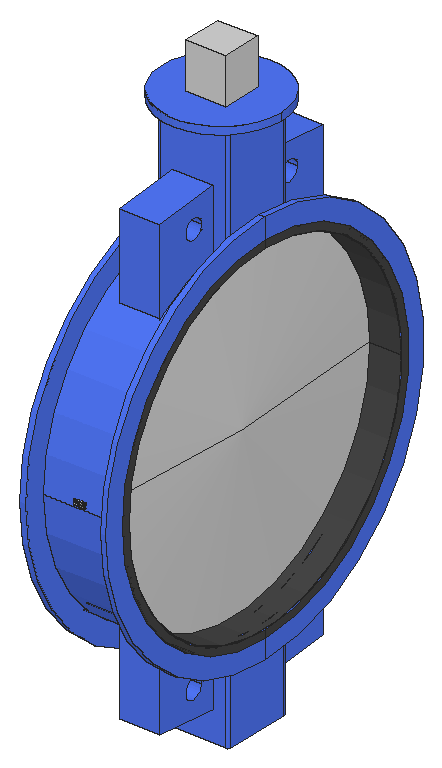
Revit family "820-00-024 DN450-1000", category Pipe Accessories, Revit 2022
Family settings
  Round Connector Dimension = Use Diameter
  Part Type = Valve - Breaks Into
  Work Plane-Based = No
  Always vertical = Yes
  Cut with Voids When Loaded = No
  Shared = No
Parameters (values of type "DN600_PN10")
  fillte1 = 10 mm  # constant formula
  fillet = 2 * Body_wallthickness  # 20 mm
  disk = LUG_T * 0.75  # 56.625 mm
  Width_dim = size_lookup(Search_table, "Width_dim", 0 mm, DN)  # 178.5 mm
  Wafer_dim1 = L2 + L2 * 0.2  # 417 mm
  Wafer_dim = L2 * 0.4  # 139 mm
  Wafer_Dim2 = Wafer_dim1 * 0.96  # 400.32 mm
  W2_ref = size_lookup(Search_table, "W2", 0 mm, DN)  # 522 mm
  URL product pages = "https://www.avkvalves.com/P.aspx?no=820006500521L0160002"
  Search_table = "820-00-024 DN450-1000"
  PCD = size_lookup(Search_table, "PCD", 0 mm, DN) / 2  # 362.5 mm
  Lug_D = (Hole_dia / 2) * 1.4  # 25.2 mm
  L_ref_3 = L_ref / 1.2  # 104.167 mm
  L_ref_2 = L_ref * 2  # 250 mm
  L_ref = [L-2] - (Flange_thickness * 2)  # 125 mm
  LUG_T = [L-2] * 0.5  # 75.5 mm
  L2 = size_lookup(Search_table, "L2", 0 mm, DN) / 2  # 347.5 mm
  L-2 = size_lookup(Search_table, "L", 0 mm, DN) - 2 mm  # 151 mm
  L = size_lookup(Search_table, "L", 0 mm, DN)  # 153 mm
  ID = DN / 2  # 300 mm
  Hole_dia = size_lookup(Search_table, "Hole_dia", 0 mm, DN)  # 36 mm
  Hole_L1 = Wafer_Dim2 * 0.9  # 360.288 mm
  Hole_L = Actuator_Dia / 2  # 105 mm
  H2 = size_lookup(Search_table, "H2", 0 mm, DN)  # 464 mm
  Flange_thickness = size_lookup(Search_table, "Flange_Thickness", 0 mm, DN)  # 13 mm
  Fillet = Hole_dia  # 36 mm
  FL_T = Body_wallthickness + Body_wallthickness * 0.5  # 15 mm
  FL_R = ID + Body_wallthickness  # 310 mm
  F2 = size_lookup(Search_table, "F2", 0 mm, DN)  # 80 mm
  F = size_lookup(Search_table, "F", 0 mm, DN)  # 70 mm
  EPDM_R = L2 * 0.9  # 312.75 mm
  EPDM = ID - 1 mm  # 299 mm
  Description_ = "AVK CENTRIC BUTTERFLY VALVE WAFER TYPE, PN10/16"
  Default Elevation = 0 mm
  DN900_PN16 = "820-0900-00-02060161002"
  DN900_PN10 = "820-0900-00-02060031002"
  DN800_PN16 = "820-0800-00-02060161002"
  DN800_PN10 = "820-0800-00-02060031002"
  DN700_PN16 = "820-0700-00-02060161002"
  DN700_PN10 = "820-0700-00-02060031002"
  DN600_PN16 = "820-0600-00-02060161002"
  DN600_PN10 = "820-0600-00-02060031002"
  DN500_PN16 = "820-0500-00-02060161002"
  DN450_PN16 = "820-0450-00-02060161002"
  DN1000_PN16 = "820-1000-00-02060161002"
  DN1000_PN10 = "820-1000-00-02060031002"
  DN = 600 mm
  Bore = DN / 2  # 300 mm
  Body_wallthickness = 10 mm  # constant formula
  DN500_PN10 = "820-0500-00-02060031002"
  DN450_PN10 = "820-0450-00-02060031002"
  Actuator_Dia = size_lookup(Search_table, "Actuator_Dia", 0 mm, DN)  # 210 mm
  90 = 90 mm  # constant formula
  1 = 1 mm  # constant formula
Types (15, lengths in mm): name | disk | Width_dim | Wafer_dim1 | Wafer_dim | Wafer_Dim2 | W2_ref | PCD | Lug_D | L_ref_3 | L_ref_2 | L_ref | LUG_T | L2 | L-2 | L | ID | Hole_dia | Hole_L1 | Hole_L | H2 | Flange_thickness | Fillet | FL_R | F2 | F | EPDM_R | EPDM | DN | Bore | Actuator_Dia
  (no name) | 56.625 | 178.5 | 417 | 139 | 400.32 | 522 | 362.5 | 25.2 | 104.167 | 250 | 125 | 75.5 | 347.5 | 151 | 153 | 300 | 36 | 360.288 | 105 | 464 | 13 | 36 | 310 | 80 | 70 | 312.75 | 299 | 600 | 300 | 210
  DN1000_PN10 | 81 | 280 | 679.8 | 226.6 | 652.608 | 745 | 580 | 35 | 155 | 372 | 186 | 108 | 566.5 | 216 | 218 | 500 | 50 | 587.347 | 175 | 693 | 15 | 50 | 510 | 100 | 80 | 509.85 | 499 | 1000 | 500 | 350
  DN1000_PN16 | 81 | 280 | 679.8 | 226.6 | 652.608 | 745 | 585 | 35 | 155 | 372 | 186 | 108 | 566.5 | 216 | 218 | 500.05 | 50 | 587.347 | 175 | 693 | 15 | 50 | 510.05 | 100 | 80 | 509.85 | 499.05 | 1000.1 | 500.05 | 350
  DN450_PN10 | 41.625 | 148.75 | 322.8 | 107.6 | 309.888 | 397 | 282.5 | 21 | 74.167 | 178 | 89 | 55.5 | 269 | 111 | 113 | 225 | 30 | 278.899 | 87.5 | 355 | 11 | 30 | 235 | 65 | 45 | 242.1 | 224 | 450 | 225 | 175
  DN450_PN16 | 41.625 | 148.75 | 322.8 | 107.6 | 309.888 | 397 | 292.5 | 21 | 72.5 | 174 | 87 | 55.5 | 269 | 111 | 113 | 225.05 | 30 | 278.899 | 87.5 | 355 | 12 | 30 | 235.05 | 65 | 45 | 242.1 | 224.05 | 450.1 | 225.05 | 175
  DN500_PN10 | 46.5 | 148.75 | 357 | 119 | 342.72 | 437 | 310 | 22.05 | 83.333 | 200 | 100 | 62 | 297.5 | 124 | 126 | 250 | 31.5 | 308.448 | 87.5 | 393 | 12 | 31.5 | 260 | 65 | 45 | 267.75 | 249 | 500 | 250 | 175
  DN500_PN16 | 46.5 | 148.75 | 357 | 119 | 342.72 | 437 | 325 | 22.05 | 81.667 | 196 | 98 | 62 | 297.5 | 124 | 126 | 250.05 | 31.5 | 308.448 | 87.5 | 393 | 13 | 31.5 | 260.05 | 65 | 45 | 267.75 | 249.05 | 500.1 | 250.05 | 175
  DN600_PN10 | 56.625 | 178.5 | 417 | 139 | 400.32 | 522 | 362.5 | 25.2 | 104.167 | 250 | 125 | 75.5 | 347.5 | 151 | 153 | 300 | 36 | 360.288 | 105 | 464 | 13 | 36 | 310 | 80 | 70 | 312.75 | 299 | 600 | 300 | 210
  DN600_PN16 | 56.625 | 178.5 | 417 | 139 | 400.32 | 522 | 385 | 25.2 | 102.5 | 246 | 123 | 75.5 | 347.5 | 151 | 153 | 300.05 | 36 | 360.288 | 105 | 464 | 14 | 36 | 310.05 | 80 | 70 | 312.75 | 299.05 | 600.1 | 300.05 | 210
  DN700_PN10 | 62.25 | 210 | 480 | 160 | 460.8 | 565 | 420 | 27.65 | 115 | 276 | 138 | 83 | 400 | 166 | 168 | 350 | 39.5 | 414.72 | 150 | 503 | 14 | 39.5 | 360 | 80 | 70 | 360 | 349 | 700 | 350 | 300
  DN700_PN16 | 62.25 | 210 | 480 | 160 | 460.8 | 565 | 420 | 27.65 | 115 | 276 | 138 | 83 | 400 | 166 | 168 | 350.05 | 39.5 | 414.72 | 150 | 503 | 14 | 39.5 | 360.05 | 80 | 70 | 360 | 349.05 | 700.1 | 350.05 | 300
  DN800_PN10 | 70.5 | 235 | 544.8 | 181.6 | 523.008 | 627 | 475 | 30.1 | 133.333 | 320 | 160 | 94 | 454 | 188 | 190 | 400 | 43 | 470.707 | 150 | 577 | 14 | 43 | 410 | 80 | 70 | 408.6 | 399 | 800 | 400 | 300
  DN800_PN16 | 70.5 | 235 | 544.8 | 181.6 | 523.008 | 627 | 475 | 30.1 | 133.333 | 320 | 160 | 94 | 454 | 188 | 190 | 400.05 | 43 | 470.707 | 150 | 577 | 14 | 43 | 410.05 | 80 | 70 | 408.6 | 399.05 | 800.1 | 400.05 | 300
  DN900_PN10 | 75.75 | 275 | 609 | 203 | 584.64 | 696 | 525 | 32.2 | 143.333 | 344 | 172 | 101 | 507.5 | 202 | 204 | 450 | 46 | 526.176 | 175 | 643 | 15 | 46 | 460 | 100 | 80 | 456.75 | 449 | 900 | 450 | 350
  DN900_PN16 | 75.75 | 275 | 609 | 203 | 584.64 | 696 | 525 | 32.2 | 143.333 | 344 | 172 | 101 | 507.5 | 202 | 204 | 450.05 | 46 | 526.176 | 175 | 643 | 15 | 46 | 460.05 | 100 | 80 | 456.75 | 449.05 | 900.1 | 450.05 | 350
Reference planes
  plane 1 "Center (Front/Back)": y = 0
  plane 2: z = 0
  plane 3 "Center (Left/Right)": x = 0
  plane 4: z = 522
  plane 5: z = -464
  plane 6: y = 62.5
  plane 7: x = -62.5
  plane 8: y = -62.5
  plane 9: x = 62.5
  plane 10: x = -57.5
  plane 11: x = 57.5
  plane 12: y = -57.5
  plane 13: y = -57.5
  plane 14: x = -57.5
  plane 15: x = 57.5
  plane 16: y = 57.5
  plane 17: y = 57.5
  plane 18: z = 602
  plane 19: z = 300
  plane 20: z = -300
  plane 21: y = -347.5
  plane 22: y = 347.5
  plane 23: x = -75.5
  plane 24: x = 75.5
  plane 25: x = -37.75
  plane 26: x = 37.75
  plane 27: x = -37.75
  plane 28: x = 37.75
  plane 29: x = -37.75
  plane 30: x = 37.75
  plane 31: x = 35
  plane 32: x = -35
  plane 33: y = 105
  plane 34: y = -105
  plane 35: x = -75.5
  plane 36: x = 75.5
  plane 37: x = -105
  plane 38: x = 105
  plane 39: x = -76.5
  plane 40: x = 76.5
  plane 41: z = -300
  plane 42: z = 276.25
Forms (mm)
  Revolve 1, solid, material "Plastic"
    sketch origin (0, 0, 0) x (1, 0, 0) y (0, 1, 0)
      loop
        line (-75.5, 310) -> (-75.5, 300) -> (75.5, 300) -> (75.5, 310) -> (-75.5, 310)
      axis (-75.5, 0) -> (75.5, 0)
    angle from 0 to 360
  Extrusion 2, solid, material "Plastic"
    sketch origin (0, 0, 0) x (1, 0, 0) y (0, 1, 0)
      loop
        arc (-57.5, 62.5) -> (-61.036, 61.036) -> (-62.5, 57.5) r 5
        line (-62.5, 57.5) -> (-62.5, -57.5)
        arc (-62.5, -57.5) -> (-61.036, -61.036) -> (-57.5, -62.5) r 5
        line (-57.5, -62.5) -> (57.5, -62.5)
        arc (57.5, -62.5) -> (61.036, -61.036) -> (62.5, -57.5) r 5
        line (62.5, -57.5) -> (62.5, 57.5)
        arc (62.5, 57.5) -> (61.036, 61.036) -> (57.5, 62.5) r 5
        line (57.5, 62.5) -> (-57.5, 62.5)
    from -464 to 509
  Extrusion 3, solid, material "Plastic"
    sketch origin (0, 0, 0) x (1, 0, 0) y (0, 1, 0)
      loop
        circle (0, 0) r 105
    from 509 to 522
  Extrusion 4, solid, material "Stainless Steel AISI 304"
    sketch origin (0, 0, 0) x (1, 0, 0) y (0, 1, 0)
      loop
        line (-35, 35) -> (-35, -35) -> (35, -35) -> (35, 35) -> (-35, 35)
    from 522 to 602
  Revolve 5, void
    sketch origin (0, 0, 0) x (1, 0, 0) y (0, 1, 0)
      loop
        line (-75.5, 300) -> (-75.5, 0) -> (75.5, 0) -> (75.5, 300) -> (-75.5, 300)
      axis (-75.5, 0) -> (75.5, 0)
    angle from 0 to 360
  Revolve 6, solid, material "Stainless Steel AISI 304"
    sketch origin (0, 0, 0) x (1, 0, 0) y (0, 1, 0)
      loop
        line (-37.75, 0) -> (37.75, 0)
        arc (37.75, 0) -> (33.03, 150.297) -> (18.875, 300) r 2391.714
        line (18.875, 300) -> (-18.875, 300)
        arc (-18.875, 300) -> (-33.03, 150.297) -> (-37.75, 0) r 2391.714
      axis (-37.75, 0) -> (37.75, 0)
    angle from 0 to 360
  Revolve 7, solid, material "Default Wall"
    sketch origin (0, 0, 0) x (1, 0, 0) y (0, 1, 0)
      loop
        line (-75.5, 300) -> (-75.5, 299) -> (75.5, 299) -> (75.5, 300) -> (-75.5, 300)
      axis (75.5, 0) -> (-75.5, 0)
    angle from 0 to 360
  Revolve 8, solid, material "Default Wall"
    sketch origin (0, 0, 0) x (1, 0, 0) y (0, 0, 1)
      loop
        line (-75.5, 312.75) -> (-76.5, 312.75) -> (-76.5, 300) -> (-75.5, 300) -> (-75.5, 312.75)
      loop
        line (75.5, 312.75) -> (75.5, 300) -> (76.5, 300) -> (76.5, 312.75) -> (75.5, 312.75)
      axis (-76.5, 0) -> (76.5, 0)
    angle from 0 to 360
  Revolve 9, solid, material "Plastic"
    sketch origin (0, 0, 0) x (1, 0, 0) y (0, 0, 1)
      loop
        line (75.5, -310) -> (65.5, -310) -> (65.5, -347.5) -> (75.5, -347.5) -> (75.5, -310)
      loop
        line (-75.5, -310) -> (-75.5, -347.5) -> (-65.5, -347.5) -> (-65.5, -310) -> (-75.5, -310)
      axis (75.5, 0) -> (-75.5, 0)
    angle from 0 to 360
  Extrusion 10, solid, material "Plastic"
    sketch origin (0, 0, 0) x (0, 1, 0) y (0, 0, 1)
      loop
        line (-178.5, -242.357) -> (-178.5, -400.32)
        arc (-178.5, -400.32) -> (0, -417) -> (178.5, -400.32) r 963.443
        line (178.5, -400.32) -> (178.5, -241.878)
        arc (178.5, -241.878) -> (0.079, -301) -> (-178.5, -242.357) r 300
      loop
        arc (-178.5, 242.447) -> (0.109, 300.999) -> (178.5, 241.787) r 300
        line (178.5, 241.787) -> (178.5, 400.32)
        arc (178.5, 400.32) -> (0, 417) -> (-178.5, 400.32) r 963.443
        line (-178.5, 400.32) -> (-178.5, 242.447)
    from -35 to 35
  Extrusion 11, void
    sketch origin (0, 0, 0) x (0, -1, 0) y (0, 0, 1)
      loop
        circle (-105, 360.288) r 18
      loop
        circle (105, 360.288) r 18
      loop
        circle (-105, -360.288) r 18
      loop
        circle (105, -360.288) r 18
    from -105 to 105
Cuts and joins
  Revolve 5 cuts Revolve 1
  Revolve 5 cuts Extrusion 2
  Extrusion 11 cuts Extrusion 10
Dimensions and locks
  equal spacing: Revolve 1 sketch curve, plane 3 "Center (Left/Right)", Revolve 1 sketch curve
  "ID": plane 1 "Center (Front/Back)" to Revolve 1 sketch curve
  "Body_wallthickness": Revolve 1 sketch curve to Revolve 1 sketch curve
  "W2_ref": plane 4 to level
  "H2": level to plane 5
  locked: plane 7 to plane 10 at 5
  locked: plane 11 to plane 9 at 5
  locked: plane 6 to plane 16 at 5
  locked: plane 12 to plane 8 at 5
  locked: plane 15 to plane 9 at 5
  locked: plane 7 to plane 14 at 5
  locked: plane 13 to plane 8 at 5
  locked: plane 17 to plane 6 at 5
  equal spacing: plane 7, plane 3 "Center (Left/Right)", plane 9
  "L_ref": plane 7 to plane 9
  equal spacing: plane 6, plane 1 "Center (Front/Back)", plane 8
  "L_ref": plane 6 to plane 8
  "Flange_thickness": plane 4 to Extrusion 3
  "F2": plane 18 to plane 4
  equal spacing: plane 19, level, plane 20
  "ID": plane 19 to level
  "L2": plane 1 "Center (Front/Back)" to plane 21
  equal spacing: plane 22, plane 1 "Center (Front/Back)", plane 21
  plane 18 to plane 4 = 80 mm
  equal spacing: Extrusion 4 sketch curve, plane 3 "Center (Left/Right)", Extrusion 4 sketch curve
  equal spacing: Extrusion 4 sketch curve, plane 1 "Center (Front/Back)", Extrusion 4 sketch curve
  "F": Extrusion 4 sketch curve to Extrusion 4 sketch curve  (x2)
  equal spacing: plane 24, plane 3 "Center (Left/Right)", plane 23
  "L-2": plane 24 to plane 23
  equal spacing: Revolve 5 sketch curve, plane 3 "Center (Left/Right)", Revolve 5 sketch curve
  "L-2": Revolve 5 sketch curve to Revolve 5 sketch curve
  "ID": plane 1 "Center (Front/Back)" to Revolve 5 sketch curve
  "L-2": Revolve 1 sketch curve to Revolve 1 sketch curve
  "Flange_thickness": plane 4 to cut or joined group of Extrusion 2, Revolve 5
  equal spacing: plane 23, Extrusion 3 sketch curve, plane 24
  equal spacing: plane 21, Extrusion 3 sketch curve, plane 22
  equal spacing: plane 26, plane 3 "Center (Left/Right)", plane 25
  "LUG_T": plane 26 to plane 25
  equal spacing: Revolve 7 sketch curve, plane 3 "Center (Left/Right)", Revolve 7 sketch curve
  "EPDM": plane 1 "Center (Front/Back)" to Revolve 7 sketch curve
  "ID": plane 1 "Center (Front/Back)" to Revolve 7 sketch curve
  "ID": plane 1 "Center (Front/Back)" to Revolve 6 sketch curve
  equal spacing: plane 24, nested 1, plane 23
  equal spacing: Revolve 6 sketch curve, plane 3 "Center (Left/Right)", Revolve 6 sketch curve  (x2)
  equal spacing: plane 27, plane 3 "Center (Left/Right)", plane 28
  "LUG_T": plane 27 to plane 28
  "LUG_T": plane 27 to Revolve 6 sketch curve
  "disk": Revolve 6 sketch curve to plane 28
  equal spacing: plane 30, plane 3 "Center (Left/Right)", plane 29
  "LUG_T": plane 30 to plane 29
  plane 24 to plane 23 = 151 mm
  equal spacing: plane 31, plane 3 "Center (Left/Right)", plane 32
  "F": plane 32 to plane 31
  equal spacing: plane 33, plane 1 "Center (Front/Back)", plane 34
  "Actuator_Dia": plane 33 to plane 34
  "Bore": Revolve 8 sketch curve to level
  equal spacing: plane 36, plane 3 "Center (Left/Right)", plane 35
  "L-2": plane 36 to plane 35
  "1": plane 35 to Revolve 8 sketch curve
  equal spacing: Revolve 8 sketch curve, plane 3 "Center (Left/Right)", Revolve 8 sketch curve
  equal spacing: plane 38, plane 3 "Center (Left/Right)", plane 37
  "Actuator_Dia": plane 37 to plane 38
  equal spacing: plane 40, plane 3 "Center (Left/Right)", plane 39
  "L": plane 40 to plane 39
  equal spacing: Revolve 9 sketch curve, plane 3 "Center (Left/Right)", Revolve 9 sketch curve  (x2)
  "ID": plane 41 to level
  "Body_wallthickness": Revolve 9 sketch curve to plane 41
  "L2": Revolve 9 sketch curve to level
  "EPDM_R": Revolve 8 sketch curve to level
  equal spacing: Extrusion 10, plane 3 "Center (Left/Right)", Extrusion 10
  "1": plane 20 to Extrusion 10 sketch curve
  equal spacing: Extrusion 11 sketch curve, plane 1 "Center (Front/Back)", Extrusion 11 sketch curve  (x2)
  equal spacing: Extrusion 11 sketch curve, level, Extrusion 11 sketch curve  (x2)
  "Hole_L1": Extrusion 11 sketch curve to level  (x2)
  "Hole_L": Extrusion 11 sketch curve to plane 1 "Center (Front/Back)"  (x2)
  "1": Extrusion 10 sketch curve to plane 19
  "Width_dim": Extrusion 10 sketch curve to plane 1 "Center (Front/Back)"
  equal spacing: Extrusion 10 sketch curve, plane 1 "Center (Front/Back)", Extrusion 10 sketch curve  (x2)
  "Width_dim": plane 1 "Center (Front/Back)" to Extrusion 10 sketch curve
  "fillte1": Revolve 9 sketch curve to plane 23
  plane 22 to plane 21 = 695 mm
  "Wafer_dim1": Extrusion 10 sketch curve to level
  "Wafer_dim1": level to Extrusion 10 sketch curve
  "Wafer_Dim2": Extrusion 10 sketch curve to level  (x2)
  "Wafer_Dim2": level to Extrusion 10 sketch curve  (x2)
  "Actuator_Dia": diameter of Extrusion 3 sketch curve
  "Bore": radius of Extrusion 10 sketch curve  (x2)
  "Hole_dia": diameter of Extrusion 11 sketch curve  (x4)
  aligned and locked: level to plane 2
  aligned and locked: plane 1 "Center (Front/Back)" to Revolve 1 sketch curve
  aligned and locked: Extrusion 2 sketch curve to plane 11
  aligned and locked: Extrusion 2 sketch curve to plane 6
  aligned and locked: Extrusion 2 sketch curve to plane 16
  aligned and locked: plane 9 to Extrusion 2 sketch curve
  aligned and locked: Extrusion 2 sketch curve to plane 12
  aligned and locked: Extrusion 2 sketch curve to plane 9
  aligned and locked: Extrusion 2 sketch curve to plane 8
  aligned and locked: Extrusion 2 sketch curve to plane 15
  aligned and locked: Extrusion 2 sketch curve to plane 14
  aligned and locked: plane 8 to Extrusion 2 sketch curve
  aligned and locked: Extrusion 2 sketch curve to plane 7
  aligned and locked: Extrusion 2 sketch curve to plane 13
  aligned and locked: Extrusion 2 sketch curve to plane 17
  aligned and locked: plane 7 to Extrusion 2 sketch curve
  aligned and locked: plane 6 to Extrusion 2 sketch curve
  aligned and locked: Extrusion 2 sketch curve to plane 10
  aligned and locked: Extrusion 2 to plane 5
  aligned and locked: Extrusion 3 to plane 4
  aligned and locked: plane 18 to Extrusion 4
  aligned and locked: plane 4 to Extrusion 4
  aligned and locked: Revolve 5 sketch curve to plane 1 "Center (Front/Back)"
  aligned and locked: plane 1 "Center (Front/Back)" to Revolve 5 sketch curve
  aligned and locked: plane 1 "Center (Front/Back)" to Revolve 6 sketch curve
  aligned and locked: plane 23 to Revolve 7 sketch curve
  aligned and locked: Revolve 7 sketch curve to plane 1 "Center (Front/Back)"
  aligned and locked: plane 35 to Revolve 8 sketch curve
  aligned and locked: plane 36 to Revolve 8 sketch curve
  aligned and locked: Revolve 8 sketch curve to plane 19
  aligned and locked: Revolve 8 sketch curve to Revolve 8 sketch curve
  aligned and locked: Revolve 8 sketch curve to level
  aligned and locked: Revolve 9 sketch curve to Revolve 9 sketch curve  (x2)
  aligned and locked: Revolve 9 sketch curve to plane 24
  aligned and locked: Revolve 9 sketch curve to level
  aligned and locked: Extrusion 10 to plane 32
  aligned and locked: Extrusion 11 to plane 37
  aligned and locked: Extrusion 11 to plane 38
Automatic sketch dimensions
  Revolve 1 sketch curve to plane 23 = 0 mm
  Revolve 1 sketch curve to plane 24 = 0 mm
  Revolve 5 sketch curve to plane 37 = 40.113 mm
  Revolve 5 sketch curve to plane 38 = 46.639 mm
  plane 1 "Center (Front/Back)" to Revolve 6 sketch curve = 0 mm
  Revolve 6 sketch curve to plane 1 "Center (Front/Back)" = 0.115 mm  (x2)
  Revolve 6 sketch curve to Revolve 6 sketch curve = 0.465 mm
  Revolve 6 sketch curve to Revolve 6 sketch curve = 0.194 mm
  Revolve 7 sketch curve to plane 38 = 18.036 mm
  Revolve 7 sketch curve to Revolve 7 sketch curve = 12.301 mm
  Revolve 8 sketch curve to plane 37 = 14.325 mm
  Revolve 8 sketch curve to plane 38 = 30.809 mm
  Revolve 9 sketch curve to plane 37 = 48.089 mm
  Revolve 9 sketch curve to plane 38 = 11.911 mm
  plane 1 "Center (Front/Back)" to Extrusion 10 sketch curve = 0.446 mm
  plane 1 "Center (Front/Back)" to Extrusion 10 sketch curve = 0.324 mm
Nested families
  nested 1: "Latest New 3" at (0, -309.987, 2.875) x (1, 0, 0) z (0, -1, 0.0093), type "Latest New 3"
Connectors
  piping at (75.5, 0, 0), diameter 600, driven by "DN"
    settings: on Revolve 1, index 1, connector inside diameter 609.6 mm, connector length 0 mm, flow factor 0, pipe flow 0.0 L/s, pressure drop 0.0 Pa, fitting loss kfactor 0, connector angle 0.00°, fixture units 0, engagement length 0 mm, angle of deflection 0.00°, flow configuration 0, flow direction 0, fitting loss method 0, system type 7, joint type 0, gender type 0, connector reference index -1, connector utility 0, adjustable connector no, is connector primary yes, connector description ""
  piping at (-75.5, 0, 0), diameter 600, driven by "DN"
    settings: on cut or joined group of Revolve 1, Revolve 5, index 2, connector inside diameter 609.6 mm, connector length 0 mm, flow factor 0, pipe flow 0.0 L/s, pressure drop 0.0 Pa, fitting loss kfactor 0, connector angle 0.00°, fixture units 0, engagement length 0 mm, angle of deflection 0.00°, flow configuration 0, flow direction 0, fitting loss method 0, system type 7, joint type 0, gender type 0, connector reference index -1, connector utility 0, adjustable connector no, is connector primary no, connector description ""
Definition of nested family "Latest New 3"
  Parameters
    Default Elevation = 1219.2 mm
  Reference planes
    plane 1 "Center (Front/Back)": y = 0
    plane 2: z = 0
    plane 3 "Center (Left/Right)": x = 0
  Forms (mm)
    Extrusion 1, solid
      sketch origin (0, 0, 0) x (1, 0, 0) y (0, 1, 0)
        loop
          line (-1219.2, 1219.2) -> (-1219.2, -1219.2) -> (1219.2, -1219.2) -> (1219.2, 1219.2) -> (-1219.2, 1219.2)
      from 0 to -304.8
    Extrusion 2, solid
      sketch origin (0, 0, 0) x (1, 0, 0) y (0, 1, 0)
        loop
          line (-2.683, 9.413) -> (-9.884, 9.413) -> (-9.884, 7.46) -> (-4.022, 7.46) -> (-0.985, 0) -> (0.985, 0) -> (4.022, 7.46) -> (9.884, 7.46) -> (9.884, 9.413) -> (2.683, 9.413) -> (0, 2.824) -> (-2.683, 9.413)
        loop
          line (-4.528, 6.707) -> (-9.884, 6.707) -> (-9.884, 4.824) -> (-8.032, 4.824) -> (-9.884, 0) -> (-7.792, 0) -> (-7.394, 1.035) -> (-4.328, 1.035) -> (-3.907, 0) -> (-1.798, 0) -> (-4.528, 6.707)
        loop
          line (-6.91, 2.824) -> (-5.056, 2.824) -> (-6.01, 5.167) -> (-6.91, 2.824)
        loop
          line (1.798, 0) -> (3.907, 0) -> (4.98, 2.637) -> (6.968, 0) -> (9.413, 0) -> (7.166, 2.983)
          arc (7.166, 2.983) -> (8.216, 3.774) -> (9.007, 4.824) r 4.724
          line (9.007, 4.824) -> (9.884, 4.824) -> (9.884, 6.707) -> (8.001, 6.707)
          arc (8.001, 6.707) -> (7.315, 5.008) -> (5.642, 4.261) r 2.448
          line (5.642, 4.261) -> (6.637, 6.707) -> (4.528, 6.707) -> (1.798, 0)
      from 0 to 1
  Dimensions and locks
    aligned and locked: plane 2 to Extrusion 1
    aligned and locked: level to Extrusion 1
    aligned and locked: Extrusion 2 sketch curve to import instance  (x30)
